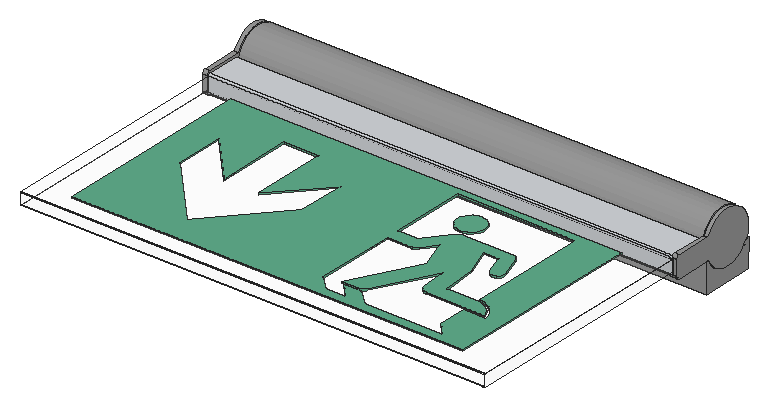
Revit family "41750", category Lighting Fixtures, host Face, Revit 2018
Family settings
  Host = Face
  Round Connector Dimension = Use Diameter
  Part Type = Normal
  OmniClass Number = 23.80.70.00
  OmniClass Title = Lighting
  Cut with Voids When Loaded = No
  Light Source = No
  Shared = No
  Room Calculation Point = No
Parameters (values of type "0041750 SYLSAFE EXIT-MOD EX R EM3 MT DA ")
  Width_SYL = 34 mm
  Weight = "n/a"
  Wattage Comments = ""
  WarrantyStartDate [instance] = "n/a"
  WarrantyGuarantorParts = "n/a"
  WarrantyDurationUnit = "n/a"
  WarrantyDurationParts = ""
  WarrantyDescription = "http://www.sylvania-lighting.com"
  Voltage = 0 V
  URL = "0.49"
  TypeSign_SYL = SylSafe EXIT Sign : Exit Arrow Down
  TypeName = "SylSafe Exit-Mod EX R EM3 MT DA"
  Type Image = <None>
  Type Comments = "n/a"
  SerialNumber [instance] = "n/a"
  RotationAngle_SYL [instance] = -90.00°
  RotatableArmThickness_SYL = 3 mm
  RadiusBody_SYL = Width_SYL / 2  # 17 mm
  Material_3_SYL = none
  PowerFactor = 0.6
  PowerConsumption = "Lighting"
  NominalLength = 49 mm
  NominalHeight = 234 mm
  NominalDepth = 18 mm
  Name = "SylSafe Exit-Mod EX R EM3 MT DA"
  ModelReference = Name  # "SylSafe Exit-Mod EX R EM3 MT DA"
  ModelNumber = "0041750"
  Model = Name  # "SylSafe Exit-Mod EX R EM3 MT DA"
  Material = "Feilo Sylvania"
  ManufacturerName = "0 lm/W"
  Manufacturer = ""
  LuminousEfficacy = ""
  LuminaireType = "0"
  LightOutputRatio = "LED"
  Length_SYL = 308 mm
  LampsType = Lamp  # "n/a"
  LampNominalLuminous = "0 K"
  LampMacAdamStep = "0"
  LampColourTemperature = "LED"
  LampColourRenderingIndex = "16500"
  Lamp = "n/a"
  Keynote = "n/a"
  InstallationDate [instance] = "n/a"
  InputVoltage = "0"
  InputNominalFrequency = "0"
  IngressProtection = "IfcLightFixtureType"
  ImpactProtectionIndex = "IfcLightFixtureType"
  IfcExportType = "IfcLightFixtureType"
  IfcExportAs = "Class II"
  ExpectedLife = 50000
  EndAngle_SYL [instance] = RotationAngle_SYL + 180.00°  # 90.00°
  ElectricShockClassification = "0"
  DurationUnit = "hours"
  DocumentationLiterature = "http://www.sylvania-lighting.com/product/en-int/products/0041750"
  DimmingControlOptions = "n/a"
  Material_2_SYL = none
  Description = "SylSafe Exit-Mod EX R EM3 MT DA is a recessed emergency exit sign. Comes with ISO7010 compliant legend pack. Arrows left, right, up, down and a blank sheet for single sided versions. EC legend pack is available as accessory. Viewing distance 26m. White housing colour.  Maintained 3hr emergency operation with NiMH rechargeable battery. Recharge period 24 hours. Self testing with DALI monitoring capability. 4.9W, IK03, IP20. Power Factor 0.49. Class II electrical construction."
  Default Elevation = 1219.2 mm
  CreatedOn = "30/06/2021"
  CreatedBy = "@sylvania-lighting.com"
  Cost = 0
  built-in parameter 1114216 [instance] = (empty or 0)
  ClassificationValue = "EF_70_80"
  ClassificationName = "Uniclass2015"
  Material_1_SYL = PC/ABS Plastic
  BarCode [instance] = "n/a"
  AssetType = "Fixed"
  AssetIdentifier [instance] = "n/a"
  Assembly Code = "D5020200"
  Apparent Load = 4.9 VA
  Material_4_SYL = none
Reference planes
  plane 1 "Center (Front/Back)": y = 0
  plane 2: z = 0
  plane 3 "Center (Left/Right)": x = 0
  plane 4: y = 17
  plane 5: y = -17
  plane 6: z = 25.937
  plane 7: x = -154
  plane 8: x = 154
  plane 9: x = -151
  plane 10: x = 151
  plane 11: z = 18.937
Forms (mm)
  Extrusion 1, solid, material "PC/ABS Plastic" <- "Material_1_SYL"
    sketch origin (0, 0, 0) x (0, 1, 0) y (0, 0, 1)
      loop
        line (-17, 0) -> (17, 0) -> (17, 25.937)
        arc (17, 25.937) -> (0, 42.937) -> (-17, 25.937) r 17
        line (-17, 25.937) -> (-17, 0)
    from -154 to 154
  Extrusion 2, void
    sketch origin (0, 0, 0) x (0, 1, 0) y (0, 0, 1)
      loop
        arc (-15.492, 18.937) -> (0, 8.937) -> (15.492, 18.937) r 17
        line (15.492, 18.937) -> (17, 18.937) -> (17, 25.937)
        arc (17, 25.937) -> (0, 42.937) -> (-17, 25.937) r 17
        line (-17, 25.937) -> (-17, 18.937) -> (-15.492, 18.937)
    from 151 to 154
  Extrusion 3, void
    sketch origin (0, 0, 0) x (0, 1, 0) y (0, 0, 1)
      loop
        arc (-15.492, 18.937) -> (0, 8.937) -> (15.492, 18.937) r 17
        line (15.492, 18.937) -> (17, 18.937) -> (17, 25.937)
        arc (17, 25.937) -> (0, 42.937) -> (-17, 25.937) r 17
        line (-17, 25.937) -> (-17, 18.937) -> (-15.492, 18.937)
    from -154 to -151
  Revolve 4, solid, not visible
    sketch origin (0, 1219.2, 25.937) x (1, 0, 0) y (0, 1, 0)
      loop
        line (0, -1219.2) -> (0, -1209.2) -> (-54.574, -1209.2) -> (-54.574, -1219.2) -> (0, -1219.2)
      axis (0, -1219.2) -> (-54.574, -1219.2)
    angle from -90 <- "RotationAngle_SYL" to 90 <- "EndAngle_SYL"
Cuts and joins
  Extrusion 2, Extrusion 3 cuts Extrusion 1
Lines and regions (mm)
  reference lines
    curve 1: circle (0, 0, 25.937) r 17 normal (1, 0, 0)
Dimensions and locks
  locked: plane 6 to plane 2 at 25.938
  equal spacing: plane 5, plane 1 "Center (Front/Back)", plane 4
  "Width_SYL": plane 5 to plane 4
  equal spacing: plane 8, plane 3 "Center (Left/Right)", plane 7
  equal spacing: plane 10, plane 3 "Center (Left/Right)", plane 9
  "Length_SYL": plane 8 to plane 7
  "RotatableArmThickness_SYL": plane 9 to plane 7
  locked: plane 11 to plane 6 at 7
  "RadiusBody_SYL": radius of curve 1
  aligned and locked: plane 2 to host face
  aligned and locked: level to host face
  aligned and locked: plane 1 "Center (Front/Back)" to curve 1
  aligned and locked: plane 6 to curve 1
  aligned and locked: Extrusion 1 sketch curve to level
  aligned and locked: Extrusion 1 sketch curve to plane 4
  aligned and locked: Extrusion 1 sketch curve to curve 1
  aligned and locked: plane 8 to Extrusion 1
  aligned and locked: Extrusion 1 to plane 7
  aligned and locked: plane 8 to Extrusion 2
  aligned and locked: Extrusion 2 to plane 10
  aligned and locked: Extrusion 3 to plane 7
  aligned and locked: plane 9 to Extrusion 3
  aligned and locked: Extrusion 3 sketch curve to curve 1
  aligned and locked: Extrusion 3 sketch curve to plane 4
  aligned and locked: Extrusion 3 sketch curve to plane 5
  aligned and locked: Extrusion 3 sketch curve to plane 11
  aligned and locked: Extrusion 2 sketch curve to curve 1
  aligned and locked: Extrusion 2 sketch curve to plane 4
  aligned and locked: Extrusion 2 sketch curve to plane 5
  aligned and locked: Extrusion 2 sketch curve to plane 11
  aligned and locked: plane 11 to Extrusion 2 sketch curve
  aligned and locked: Extrusion 2 sketch curve to cut or joined group of Extrusion 1, Extrusion 2, Extrusion 3
  aligned and locked: Revolve 4 sketch curve to plane 1 "Center (Front/Back)"
  aligned and locked: Revolve 4 sketch curve to curve 1  (x2)
  aligned and locked: nested 1 to plane 3 "Center (Left/Right)"
Automatic sketch dimensions
  host sketch curve to host sketch curve = 2438.4 mm  (x2)
  plane 6 to Extrusion 1 sketch curve = 0 mm
  plane 11 to Extrusion 3 sketch curve = 0 mm  (x2)
  Extrusion 3 sketch curve to plane 6 = 0 mm
  Extrusion 3 sketch curve to Extrusion 3 sketch curve = 0 mm
  plane 1 "Center (Front/Back)" to Revolve 4 sketch curve = 0 mm
  Revolve 4 sketch curve to plane 3 "Center (Left/Right)" = 54.574 mm
  plane 4 to Revolve 4 sketch curve = 7 mm
  Revolve 4 sketch curve to plane 7 = 1370 mm
  plane 8 to Revolve 4 sketch curve = 1370 mm
Nested families
  nested 1: "SylSafe EXIT Sign" at (0, 0, 25.937) x (-1, 0, 0) z (0, -1, 0), type <- "TypeSign_SYL", type "Exit Arrow Down"
    with built-in parameter 1114216 (empty or 0)
Definition of nested family "SylSafe EXIT Sign"
  Parameters (values of type "Exit Arrow Up")
    WidthArmSign_SYL = 34 mm
    Wattage Comments = "n/a"
    Wattage = 2.2 W
    built-in parameter 1150110 = 1 (stored number, unit not read)
    Up_SYL = yes
    URL = "http://www.sylvania-lighting.com"
    Type Image = (empty or 0)
    Type Comments = "n/a"
    built-in parameter 1114217 = 1 (stored number, unit not read)
    ThicknessLabel_SYL = 0.8 mm
    ThicknessArmSign_SYL = 3 mm
    built-in parameter 1150109 = 1 (stored number, unit not read)
    built-in parameter 1150134 = 5
    built-in parameter 1150113 = 1 (stored number, unit not read)
    Right_SYL = no
    RadiusArmSign_SYL = WidthArmSign_SYL / 2  # 17 mm
    Material_3_SYL = none
    Model = ""
    Manufacturer = "Feilo Sylvania"
    built-in parameter 1150105 = 70.028 (stored number, unit not read)
    Lumens = 220 lm
    built-in parameter 1150115 = 1 (stored number, unit not read)
    Light Source Symbol Size = 100 mm
    built-in parameter 1150137 = (empty or 0)
    built-in parameter 1150139 = (empty or 0)
    LengthSign_SYL = 308 mm
    Left_SYL = no
    built-in parameter 1150112 = 1 (stored number, unit not read)
    built-in parameter 1150114 = 1 (stored number, unit not read)
    Lamp = "LED"
    Keynote = "16500"
    Material_2_SYL = none
    built-in parameter 1150132 = (empty or 0)
    built-in parameter 1150102 = (empty or 0)
    built-in parameter 1150107 = 6000 (stored number, unit not read)
    built-in parameter 1150138 = (empty or 0)
    built-in parameter 1150106 = 0.70028 (stored number, unit not read)
    Emit from Line Length = LengthSign_SYL - 2 * ThicknessArmSign_SYL  # 302 mm
    built-in parameter 1150104 = 9.2903 (stored number, unit not read)
    Down_SYL = no
    Dimming Lamp Color Temperature Shift = (empty or 0)
    Description = ""
    Default Elevation = 1219.2 mm
    Cost = 0
    Color Filter = 16777215
    built-in parameter 1114216 [instance] = (empty or 0)
    Material_1_SYL = none
    built-in parameter 1114218 = 1 (stored number, unit not read)
    built-in parameter 1150133 = 10 (stored number, unit not read)
    Assembly Code = "D5020200"
    Apparent Load = 2.2 VA
    Material_4_SYL = none
  Types (4, lengths in mm): name | Up_SYL | Right_SYL | Left_SYL | Down_SYL | Apparent Load
    Exit Arrow Right | no | yes | no | no | 2.2 VA
    Exit Arrow Left | no | no | yes | no | 2.2 VA
    Exit Arrow Up | yes | no | no | no | 2.2 VA
    Exit Arrow Down | no | no | no | yes | 0 VA
  Reference planes
    plane 1 "Center (Front/Back)": y = 0
    plane 2: z = 0
    plane 3 "Center (Left/Right)": x = 0
    plane 4: x = 154
    plane 5: x = -154
    plane 6: x = -151
    plane 7: x = 151
    plane 8: y = 17
    plane 9: y = -17
    plane 10: y = -7
    plane 11: y = 7
    plane 12: z = 40.75
    plane 13: z = 192.937
    plane 14: y = 4
    plane 15: y = -4
    plane 16: z = 17.812
    plane 17: y = -6
    plane 18: y = 6
    plane 19: x = -127
    plane 20: x = 127
    plane 21: z = 116.844
    plane 22: z = 181.344
    plane 23: z = 52.344
    plane 24: x = 69
    plane 25: y = -4.8
  Forms (mm)
    Extrusion 1, solid
      sketch origin (4.2, 0, 0) x (1, 0, 0) y (0, 1, 0)
        loop
          line (-1219.2, 1219.2) -> (-1219.2, -1219.2) -> (1219.2, -1219.2) -> (1219.2, 1219.2) -> (-1219.2, 1219.2)
      from 0 to -68.017
    Extrusion 2, solid, material <- "Material_1_SYL"
      sketch origin (0, 0, 0) x (0, 1, 0) y (0, 0, 1)
        loop
          arc (-7, 15.492) -> (0, -17) -> (7, 15.492) r 17
          line (7, 15.492) -> (7, 38.75)
          arc (7, 38.75) -> (6.414, 40.164) -> (5, 40.75) r 2
          line (5, 40.75) -> (-5, 40.75)
          arc (-5, 40.75) -> (-6.414, 40.164) -> (-7, 38.75) r 2
          line (-7, 38.75) -> (-7, 15.492)
      from 151 to 154
    Extrusion 3, solid, material <- "Material_1_SYL"
      sketch origin (0, 0, 0) x (0, 1, 0) y (0, 0, 1)
        loop
          line (7, 15.492) -> (7, 38.75)
          arc (7, 38.75) -> (6.414, 40.164) -> (5, 40.75) r 2
          line (5, 40.75) -> (-5, 40.75)
          arc (-5, 40.75) -> (-6.414, 40.164) -> (-7, 38.75) r 2
          line (-7, 38.75) -> (-7, 15.492)
          arc (-7, 15.492) -> (0, -17) -> (7, 15.492) r 17
      from -154 to -151
    Extrusion 4, solid
      sketch origin (0, 0, 0) x (0, 1, 0) y (0, 0, 1)
        loop
          arc (-5, 40.75) -> (-5.707, 40.457) -> (-6, 39.75) r 1
          line (-6, 39.75) -> (-6, 17.812) -> (6, 17.812) -> (6, 39.75)
          arc (6, 39.75) -> (5.707, 40.457) -> (5, 40.75) r 1
          line (5, 40.75) -> (-5, 40.75)
      from -151 to 151
    Extrusion 5, solid, material <- "Material_3_SYL"
      sketch origin (0, 0, 0) x (0, 1, 0) y (0, 0, 1)
        loop
          line (-4, 40.75) -> (4, 40.75) -> (4, 192.437)
          arc (4, 192.437) -> (3.854, 192.791) -> (3.5, 192.937) r 0.5
          line (3.5, 192.937) -> (-3.5, 192.937)
          arc (-3.5, 192.937) -> (-3.854, 192.791) -> (-4, 192.437) r 0.5
          line (-4, 192.437) -> (-4, 40.75)
      from -151 to 151
    Extrusion 6, solid, material <- "Material_2_SYL", visible <- "Left_SYL"
      sketch origin (351.989, -4, 160.163) x (0, 0, -1) y (1, 0, 0)
        loop
          circle (83.224, -400.985) r 8.928
        loop
          line (103.064, -376.624) -> (54.298, -376.624) -> (54.298, -389.842) -> (68.839, -400.8)
          arc (68.839, -400.8) -> (70.752, -403.1) -> (71.438, -406.013) r 6.527
          line (71.438, -406.013) -> (71.438, -437.202)
          arc (71.438, -437.202) -> (70.533, -440.07) -> (68.148, -441.9) r 5
          line (68.148, -441.9) -> (54.122, -447.006)
          arc (54.122, -447.006) -> (48.704, -444.479) -> (51.23, -439.062) r 4.227
          line (51.23, -439.062) -> (63.917, -434.444) -> (63.917, -424.745) -> (45.498, -431.449) -> (22.611, -433.451) -> (22.611, -453.451)
          arc (22.611, -453.451) -> (20.093, -461.05) -> (13.536, -465.642) r 12.726
          line (13.536, -465.642) -> (13.536, -427.917)
          arc (13.536, -427.917) -> (14.85, -424.539) -> (18.101, -422.936) r 5
          line (18.101, -422.936) -> (34.389, -421.511) -> (-1.786, -402.276)
          arc (-1.786, -402.276) -> (-3.724, -400.437) -> (-4.439, -397.862) r 5
          line (-4.439, -397.862) -> (-4.439, -387.433) -> (36.957, -409.444) -> (56.364, -402.38) -> (48.001, -396.079)
          arc (48.001, -396.079) -> (46.372, -394.119) -> (45.788, -391.639) r 5.559
          line (45.788, -391.639) -> (45.788, -376.624) -> (-6.717, -376.624) -> (-15.183, -385.09) -> (-15.183, -398.574) -> (-6.18, -389.57) -> (-6.18, -399.078)
          arc (-6.18, -399.078) -> (-6.609, -401.235) -> (-7.83, -403.063) r 5.636
          line (-7.83, -403.063) -> (-15.183, -410.416) -> (-15.183, -461.609) -> (-7.025, -453.451) -> (11.73, -453.451) -> (11.73, -468.109)
          arc (11.73, -468.109) -> (20.743, -463.076) -> (24.473, -453.451) r 15.223
          line (24.473, -453.451) -> (103.064, -453.451) -> (103.064, -376.624)
        loop
          line (107.819, -224.989) -> (-21.181, -224.989) -> (-21.181, -478.989) -> (107.819, -478.989) -> (107.819, -224.989)
        loop
          line (54.815, -332.184) -> (54.815, -282.989) -> (82.944, -314.229) -> (82.944, -282.989) -> (43.319, -238.982) -> (3.695, -282.989) -> (3.695, -314.229) -> (31.823, -282.989) -> (31.823, -332.184) -> (54.815, -332.184)
      from 0 to 0.8
    Extrusion 7, solid, material <- "Material_2_SYL", visible <- "Up_SYL"
      sketch origin (0, -4, -609.6) x (0, 0, -1) y (1, 0, 0)
        loop
          line (-784.946, -33.101) -> (-784.946, -46.585) -> (-775.943, -37.581) -> (-775.943, -47.089)
          arc (-775.943, -47.089) -> (-776.372, -49.246) -> (-777.593, -51.074) r 5.636
          line (-777.593, -51.074) -> (-784.946, -58.427) -> (-784.946, -109.62) -> (-776.788, -101.462) -> (-758.032, -101.462) -> (-758.032, -116.12)
          arc (-758.032, -116.12) -> (-749.02, -111.087) -> (-745.29, -101.462) r 15.223
          line (-745.29, -101.462) -> (-666.699, -101.462) -> (-666.699, -24.635) -> (-715.465, -24.635) -> (-715.465, -37.853) -> (-700.924, -48.811)
          arc (-700.924, -48.811) -> (-699.011, -51.111) -> (-698.325, -54.024) r 6.527
          line (-698.325, -54.024) -> (-698.325, -85.213)
          arc (-698.325, -85.213) -> (-699.23, -88.081) -> (-701.615, -89.912) r 5
          line (-701.615, -89.912) -> (-715.641, -95.017)
          arc (-715.641, -95.017) -> (-721.059, -92.49) -> (-718.533, -87.073) r 4.227
          line (-718.533, -87.073) -> (-705.846, -82.455) -> (-705.846, -72.756) -> (-724.265, -79.46) -> (-747.152, -81.462) -> (-747.152, -101.462)
          arc (-747.152, -101.462) -> (-749.67, -109.061) -> (-756.227, -113.653) r 12.726
          line (-756.227, -113.653) -> (-756.227, -75.928)
          arc (-756.227, -75.928) -> (-754.913, -72.55) -> (-751.662, -70.947) r 5
          line (-751.662, -70.947) -> (-735.374, -69.522) -> (-771.549, -50.287)
          arc (-771.549, -50.287) -> (-773.487, -48.448) -> (-774.202, -45.873) r 5
          line (-774.202, -45.873) -> (-774.202, -35.444) -> (-732.806, -57.455) -> (-713.399, -50.391) -> (-721.762, -44.09)
          arc (-721.762, -44.09) -> (-723.391, -42.13) -> (-723.975, -39.65) r 5.559
          line (-723.975, -39.65) -> (-723.975, -24.635) -> (-776.48, -24.635) -> (-784.946, -33.101)
        loop
          circle (-686.539, -48.996) r 8.928
        loop
          line (-723.85, 77.902) -> (-773.045, 77.902) -> (-773.045, 54.91) -> (-723.85, 54.91) -> (-755.09, 26.782) -> (-723.85, 26.782) -> (-679.843, 66.406) -> (-723.85, 106.031) -> (-755.09, 106.031) -> (-723.85, 77.902)
        loop
          line (-790.944, -127) -> (-661.944, -127) -> (-661.944, 127) -> (-790.944, 127) -> (-790.944, -127)
      from 0 to 0.8
    Extrusion 8, solid, material <- "Material_2_SYL", visible <- "Down_SYL"
      sketch origin (0, -4, -609.6) x (0, 0, -1) y (1, 0, 0)
        loop
          line (-715.465, -37.853) -> (-700.924, -48.811)
          arc (-700.924, -48.811) -> (-699.011, -51.111) -> (-698.325, -54.024) r 6.527
          line (-698.325, -54.024) -> (-698.325, -85.213)
          arc (-698.325, -85.213) -> (-699.23, -88.081) -> (-701.615, -89.912) r 5
          line (-701.615, -89.912) -> (-715.641, -95.017)
          arc (-715.641, -95.017) -> (-721.059, -92.49) -> (-718.533, -87.073) r 4.227
          line (-718.533, -87.073) -> (-705.846, -82.455) -> (-705.846, -72.756) -> (-724.265, -79.46) -> (-747.152, -81.462) -> (-747.152, -101.462)
          arc (-747.152, -101.462) -> (-749.67, -109.061) -> (-756.227, -113.653) r 12.726
          line (-756.227, -113.653) -> (-756.227, -75.928)
          arc (-756.227, -75.928) -> (-754.913, -72.55) -> (-751.662, -70.947) r 5
          line (-751.662, -70.947) -> (-735.374, -69.522) -> (-771.549, -50.287)
          arc (-771.549, -50.287) -> (-773.487, -48.448) -> (-774.202, -45.873) r 5
          line (-774.202, -45.873) -> (-774.202, -35.444) -> (-732.806, -57.455) -> (-713.399, -50.391) -> (-721.762, -44.09)
          arc (-721.762, -44.09) -> (-723.391, -42.13) -> (-723.975, -39.65) r 5.559
          line (-723.975, -39.65) -> (-723.975, -24.635) -> (-776.48, -24.635) -> (-784.946, -33.101) -> (-784.946, -46.585) -> (-775.943, -37.581) -> (-775.943, -47.089)
          arc (-775.943, -47.089) -> (-776.372, -49.246) -> (-777.593, -51.074) r 5.636
          line (-777.593, -51.074) -> (-784.946, -58.427) -> (-784.946, -109.62) -> (-776.788, -101.462) -> (-758.032, -101.462) -> (-758.032, -116.12)
          arc (-758.032, -116.12) -> (-749.02, -111.087) -> (-745.29, -101.462) r 15.223
          line (-745.29, -101.462) -> (-666.699, -101.462) -> (-666.699, -24.635) -> (-715.465, -24.635) -> (-715.465, -37.853)
        loop
          circle (-686.539, -48.996) r 8.928
        loop
          line (-790.944, -127) -> (-661.944, -127) -> (-661.944, 127) -> (-790.944, 127) -> (-790.944, -127)
        loop
          line (-679.843, 54.91) -> (-679.843, 77.902) -> (-729.038, 77.902) -> (-697.798, 106.031) -> (-729.038, 106.031) -> (-773.045, 66.406) -> (-729.038, 26.782) -> (-697.798, 26.782) -> (-729.038, 54.91) -> (-679.843, 54.91)
      from 0 to 0.8
    Extrusion 9, solid, material <- "Material_2_SYL", visible <- "Right_SYL"
      sketch origin (0, -4, -609.6) x (0, 0, -1) y (1, 0, 0)
        loop
          line (-732.806, 57.455) -> (-774.202, 35.444) -> (-774.202, 45.873)
          arc (-774.202, 45.873) -> (-773.487, 48.448) -> (-771.549, 50.287) r 5
          line (-771.549, 50.287) -> (-735.374, 69.522) -> (-751.662, 70.947)
          arc (-751.662, 70.947) -> (-754.913, 72.55) -> (-756.227, 75.928) r 5
          line (-756.227, 75.928) -> (-756.227, 113.653)
          arc (-756.227, 113.653) -> (-749.67, 109.061) -> (-747.152, 101.462) r 12.726
          line (-747.152, 101.462) -> (-747.152, 81.462) -> (-724.265, 79.46) -> (-705.846, 72.756) -> (-705.846, 82.455) -> (-718.533, 87.073)
          arc (-718.533, 87.073) -> (-721.059, 92.49) -> (-715.641, 95.017) r 4.227
          line (-715.641, 95.017) -> (-701.615, 89.912)
          arc (-701.615, 89.912) -> (-699.23, 88.081) -> (-698.325, 85.213) r 5
          line (-698.325, 85.213) -> (-698.325, 54.024)
          arc (-698.325, 54.024) -> (-699.011, 51.111) -> (-700.924, 48.811) r 6.527
          line (-700.924, 48.811) -> (-715.465, 37.853) -> (-715.465, 24.635) -> (-666.699, 24.635) -> (-666.699, 101.462) -> (-745.29, 101.462)
          arc (-745.29, 101.462) -> (-749.02, 111.087) -> (-758.032, 116.12) r 15.223
          line (-758.032, 116.12) -> (-758.032, 101.462) -> (-776.788, 101.462) -> (-784.946, 109.62) -> (-784.946, 58.427) -> (-777.593, 51.074)
          arc (-777.593, 51.074) -> (-776.372, 49.246) -> (-775.943, 47.089) r 5.636
          line (-775.943, 47.089) -> (-775.943, 37.581) -> (-784.946, 46.585) -> (-784.946, 33.101) -> (-776.48, 24.635) -> (-723.975, 24.635) -> (-723.975, 39.65)
          arc (-723.975, 39.65) -> (-723.391, 42.13) -> (-721.762, 44.09) r 5.559
          line (-721.762, 44.09) -> (-713.399, 50.391) -> (-732.806, 57.455)
        loop
          circle (-686.539, 48.996) r 8.928
        loop
          line (-766.068, -37.76) -> (-766.068, -69) -> (-726.444, -113.007) -> (-686.819, -69) -> (-686.819, -37.76) -> (-714.948, -69) -> (-714.948, -19.805) -> (-737.94, -19.805) -> (-737.94, -69) -> (-766.068, -37.76)
        loop
          line (-790.944, -127) -> (-661.944, -127) -> (-661.944, 127) -> (-790.944, 127) -> (-790.944, -127)
      from 0 to 0.8
  Lines and regions (mm)
    reference lines
      curve 1: circle (0, 0, 0) r 17 normal (1, 0, 0)
  Dimensions and locks
    equal spacing: plane 4, plane 3 "Center (Left/Right)", plane 5
    "LengthSign_SYL": plane 4 to plane 5
    equal spacing: plane 7, plane 3 "Center (Left/Right)", plane 6
    "ThicknessArmSign_SYL": plane 6 to plane 5
    equal spacing: plane 9, plane 1 "Center (Front/Back)", plane 8
    "WidthArmSign_SYL": plane 9 to plane 8
    equal spacing: plane 10, plane 1 "Center (Front/Back)", plane 11
    locked: plane 10 to plane 11 at 14
    equal spacing: plane 15, plane 1 "Center (Front/Back)", plane 14
    locked: plane 15 to plane 14 at 8
    locked: plane 12 to plane 2 at 40.75
    locked: plane 16 to plane 12 at 22.937
    equal spacing: plane 17, plane 1 "Center (Front/Back)", plane 18
    locked: plane 10 to plane 17 at 1
    equal spacing: plane 13, plane 21, plane 12
    equal spacing: plane 20, plane 3 "Center (Left/Right)", plane 19
    locked: plane 20 to plane 19 at 254
    equal spacing: plane 22, plane 21, plane 23
    locked: plane 22 to plane 23 at 129
    locked: plane 20 to plane 24 at 58
    "ThicknessLabel_SYL": plane 25 to plane 15
    "RadiusArmSign_SYL": radius of curve 1
    aligned and locked: plane 2 to Extrusion 1
    aligned and locked: level to Extrusion 1
    aligned and locked: plane 1 "Center (Front/Back)" to curve 1
    aligned and locked: plane 2 to curve 1
    aligned and locked: Extrusion 2 sketch curve to curve 1
    aligned and locked: Extrusion 2 sketch curve to plane 11
    aligned and locked: Extrusion 2 sketch curve to plane 10
    aligned and locked: Extrusion 2 sketch curve to plane 12
    aligned and locked: plane 4 to Extrusion 2
    aligned and locked: Extrusion 2 to plane 7
    aligned and locked: Extrusion 3 sketch curve to Extrusion 2  (x4)
    aligned and locked: Extrusion 3 to plane 5
    aligned and locked: plane 6 to Extrusion 3
    aligned and locked: plane 12 to Extrusion 4 sketch curve
    aligned and locked: Extrusion 4 sketch curve to plane 17
    aligned and locked: Extrusion 4 sketch curve to plane 16
    aligned and locked: plane 18 to Extrusion 4 sketch curve
    aligned and locked: plane 7 to Extrusion 4
    aligned and locked: Extrusion 4 to plane 6
    aligned and locked: plane 12 to Extrusion 5 sketch curve
    aligned and locked: plane 15 to Extrusion 5 sketch curve
    aligned and locked: Extrusion 5 sketch curve to plane 13
    aligned and locked: Extrusion 5 sketch curve to plane 14
    aligned and locked: plane 7 to Extrusion 5
    aligned and locked: Extrusion 5 to plane 6
    aligned and locked: Extrusion 6 to plane 22
    aligned and locked: Extrusion 6 to plane 19
    aligned and locked: plane 20 to Extrusion 6
    aligned and locked: plane 23 to Extrusion 6
    aligned and locked: plane 24 to Extrusion 6 sketch curve
    aligned and locked: plane 21 to Extrusion 6 sketch curve
    aligned and locked: Extrusion 7 sketch curve to Extrusion 6  (x13)
    aligned and locked: Extrusion 6 to Extrusion 7
    aligned and locked: Extrusion 7 to plane 15
    aligned and locked: plane 19 to Extrusion 7 sketch curve
    aligned and locked: plane 22 to Extrusion 7 sketch curve
    aligned and locked: Extrusion 7 sketch curve to plane 23
    aligned and locked: Extrusion 7 sketch curve to plane 20
    aligned and locked: plane 25 to Extrusion 7
    aligned and locked: Extrusion 7 to Extrusion 5
    aligned and locked: Extrusion 8 sketch curve to Extrusion 7  (x37)
    aligned and locked: Extrusion 8 to plane 15
    aligned and locked: plane 25 to Extrusion 8
    aligned and locked: Extrusion 9 sketch curve to Extrusion 6  (x4)
    aligned and locked: Extrusion 9 to plane 15
    aligned and locked: Extrusion 9 to Extrusion 5
    aligned and locked: plane 25 to Extrusion 9
    aligned and locked: plane 12 to imposter light
    aligned and locked: plane 3 "Center (Left/Right)" to imposter light
    aligned and locked: plane 1 "Center (Front/Back)" to imposter light
  Automatic sketch dimensions
    Extrusion 1 sketch curve to Extrusion 1 sketch curve = 2438.4 mm  (x2)
    plane 15 to Extrusion 2 sketch curve = 1 mm
    Extrusion 2 sketch curve to plane 14 = 1 mm
    plane 12 to Extrusion 4 sketch curve = 1 mm
    Extrusion 4 sketch curve to plane 14 = 1 mm
    Extrusion 5 sketch curve to Extrusion 5 sketch curve = 0.5 mm  (x2)
    Extrusion 5 to Extrusion 6 sketch curve = 69.231 mm
    Extrusion 6 sketch curve to Extrusion 6 sketch curve = 2.568 mm
    Extrusion 6 sketch curve to Extrusion 6 sketch curve = 11.496 mm
    Extrusion 6 sketch curve to Extrusion 6 sketch curve = 9.916 mm
    Extrusion 6 sketch curve to Extrusion 6 sketch curve = 1.862 mm
    Extrusion 6 sketch curve to Extrusion 6 sketch curve = 4.075 mm
    Extrusion 6 sketch curve to Extrusion 6 sketch curve = 0.436 mm
    Extrusion 6 sketch curve to Extrusion 6 sketch curve = 9.075 mm
    Extrusion 6 sketch curve to Extrusion 6 sketch curve = 10.88 mm
    Extrusion 6 sketch curve to Extrusion 6 sketch curve = 1.845 mm
    Extrusion 6 sketch curve to Extrusion 6 sketch curve = 0.631 mm
    Extrusion 6 sketch curve to Extrusion 6 sketch curve = 28.129 mm  (x2)
    Extrusion 6 sketch curve to Extrusion 6 sketch curve = 17.539 mm
    Extrusion 6 sketch curve to Extrusion 6 sketch curve = 2.347 mm
    Extrusion 6 sketch curve to Extrusion 6 sketch curve = 5 mm  (x2)
    Extrusion 6 sketch curve to Extrusion 6 sketch curve = 1.741 mm
    Extrusion 6 sketch curve to Extrusion 6 sketch curve = 2.278 mm
    Extrusion 6 sketch curve to Extrusion 6 sketch curve = 16.279 mm
    Extrusion 6 sketch curve to Extrusion 6 sketch curve = 1.651 mm
    Extrusion 6 sketch curve to Extrusion 6 sketch curve = 3.985 mm
    Extrusion 6 sketch curve to Extrusion 6 sketch curve = 8.158 mm  (x2)
    Extrusion 6 sketch curve to Extrusion 6 sketch curve = 3.367 mm
    Extrusion 5 to Extrusion 6 sketch curve = 11.094 mm
    Extrusion 6 sketch curve to Extrusion 6 sketch curve = 11.109 mm
    Extrusion 6 sketch curve to Extrusion 6 sketch curve = 8.831 mm
    Extrusion 6 sketch curve to Extrusion 6 sketch curve = 2.214 mm
    Extrusion 6 sketch curve to Extrusion 6 sketch curve = 5.733 mm
    Extrusion 6 sketch curve to Extrusion 6 sketch curve = 3.346 mm
    Extrusion 6 sketch curve to Extrusion 6 sketch curve = 1.446 mm  (x2)
    Extrusion 6 sketch curve to Extrusion 6 sketch curve = 2.95 mm
    Extrusion 6 sketch curve to Extrusion 6 sketch curve = 22.992 mm
    Extrusion 6 sketch curve to Extrusion 6 sketch curve = 8.362 mm
    Extrusion 6 sketch curve to Extrusion 6 sketch curve = 12.686 mm
    Extrusion 6 sketch curve to Extrusion 6 sketch curve = 8.547 mm
    Extrusion 6 sketch curve to Extrusion 6 sketch curve = 2.521 mm
    Extrusion 6 sketch curve to Extrusion 6 sketch curve = 1.71 mm
    Extrusion 6 sketch curve to Extrusion 6 sketch curve = 3.928 mm
    Extrusion 6 sketch curve to Extrusion 6 sketch curve = 11.787 mm
    Extrusion 6 sketch curve to Extrusion 5 = 16.349 mm
    Extrusion 6 sketch curve to Extrusion 5 = 11.594 mm
    Extrusion 6 sketch curve to Extrusion 6 sketch curve = 0 mm  (x5)
    Extrusion 6 sketch curve to Extrusion 6 sketch curve = 31.24 mm  (x2)
    Extrusion 6 sketch curve to Extrusion 6 sketch curve = 62.395 mm
    Extrusion 6 sketch curve to Extrusion 6 sketch curve = 8.466 mm
    Extrusion 6 sketch curve to Extrusion 6 sketch curve = 2.343 mm
    Extrusion 6 sketch curve to Extrusion 6 sketch curve = 2.137 mm
    Extrusion 6 sketch curve to Extrusion 6 sketch curve = 13.219 mm
    Extrusion 6 sketch curve to Extrusion 6 sketch curve = 1.796 mm
    Extrusion 6 sketch curve to Extrusion 6 sketch curve = 8.291 mm
    Extrusion 6 sketch curve to Extrusion 6 sketch curve = 0.712 mm
    Extrusion 6 sketch curve to Extrusion 6 sketch curve = 1.216 mm
    Extrusion 6 sketch curve to Extrusion 6 sketch curve = 10.957 mm
    Extrusion 6 sketch curve to Extrusion 6 sketch curve = 5.027 mm
    Extrusion 6 sketch curve to Extrusion 6 sketch curve = 3.633 mm
    Extrusion 6 sketch curve to Extrusion 6 sketch curve = 13.365 mm
    Extrusion 6 sketch curve to Extrusion 6 sketch curve = 7.353 mm
    Extrusion 6 sketch curve to Extrusion 6 sketch curve = 12.067 mm
    Extrusion 6 sketch curve to Extrusion 6 sketch curve = 1.425 mm
    Extrusion 6 sketch curve to Extrusion 6 sketch curve = 18.732 mm
    Extrusion 6 sketch curve to Extrusion 6 sketch curve = 9.938 mm
    Extrusion 6 sketch curve to Extrusion 6 sketch curve = 5.534 mm
    Extrusion 6 sketch curve to Extrusion 6 sketch curve = 9.699 mm
    Extrusion 6 sketch curve to Extrusion 6 sketch curve = 2.758 mm
    Extrusion 6 sketch curve to Extrusion 6 sketch curve = 7.613 mm
    Extrusion 6 sketch curve to Extrusion 6 sketch curve = 3.972 mm
    Extrusion 6 sketch curve to Extrusion 6 sketch curve = 19.638 mm
    Extrusion 6 sketch curve to Extrusion 6 sketch curve = 0.362 mm
    Extrusion 6 sketch curve to Extrusion 6 sketch curve = 16.249 mm
    Extrusion 5 to Extrusion 6 sketch curve = 24 mm  (x2)
    Extrusion 5 to Extrusion 6 sketch curve = 37.993 mm
    Extrusion 6 sketch curve to Extrusion 6 sketch curve = 17.955 mm
    Extrusion 7 sketch curve to Extrusion 7 sketch curve = 1.651 mm
    Extrusion 7 sketch curve to Extrusion 7 sketch curve = 8.158 mm
    Extrusion 7 sketch curve to Extrusion 7 sketch curve = 2.278 mm
    plane 24 to Extrusion 7 sketch curve = 8.902 mm
    plane 22 to Extrusion 7 sketch curve = 17.899 mm
    Extrusion 7 sketch curve to Extrusion 7 sketch curve = 2.347 mm
    Extrusion 7 sketch curve to Extrusion 7 sketch curve = 4.283 mm
    Extrusion 7 sketch curve to Extrusion 7 sketch curve = 0.631 mm
    Extrusion 7 sketch curve to Extrusion 7 sketch curve = 1.845 mm
    Extrusion 7 sketch curve to plane 21 = 28.646 mm  (x2)
    Extrusion 7 sketch curve to Extrusion 7 sketch curve = 4.564 mm
    Extrusion 7 sketch curve to Extrusion 7 sketch curve = 0.436 mm
    Extrusion 7 sketch curve to Extrusion 7 sketch curve = 10.88 mm
    Extrusion 7 sketch curve to Extrusion 7 sketch curve = 1.862 mm
    Extrusion 7 sketch curve to plane 21 = 8.93 mm
    Extrusion 7 sketch curve to plane 21 = 6.362 mm
    plane 21 to Extrusion 7 sketch curve = 2.179 mm
    plane 21 to Extrusion 7 sketch curve = 2.469 mm
    plane 21 to Extrusion 7 sketch curve = 2.594 mm  (x4)
    plane 21 to Extrusion 7 sketch curve = 4.682 mm
    plane 21 to Extrusion 7 sketch curve = 7.911 mm
    Extrusion 7 sketch curve to Extrusion 7 sketch curve = 5.559 mm
    Extrusion 7 sketch curve to Extrusion 7 sketch curve = 1.446 mm  (x2)
    Extrusion 7 sketch curve to Extrusion 7 sketch curve = 8.51 mm
    Extrusion 7 sketch curve to Extrusion 7 sketch curve = 8.362 mm
    Extrusion 7 sketch curve to Extrusion 7 sketch curve = 12.686 mm
    Extrusion 7 sketch curve to Extrusion 7 sketch curve = 8.547 mm
    Extrusion 7 sketch curve to Extrusion 7 sketch curve = 2.521 mm
    Extrusion 7 sketch curve to Extrusion 7 sketch curve = 1.71 mm
    Extrusion 7 sketch curve to Extrusion 7 sketch curve = 5.458 mm
    Extrusion 7 sketch curve to Extrusion 7 sketch curve = 2.859 mm
    Extrusion 7 sketch curve to plane 24 = 2.594 mm
    Extrusion 7 sketch curve to plane 23 = 17.899 mm
    Extrusion 7 sketch curve to plane 23 = 4.755 mm
    plane 19 to Extrusion 7 sketch curve = 10.88 mm
    Extrusion 7 sketch curve to Extrusion 7 sketch curve = 2.467 mm
    Extrusion 7 sketch curve to Extrusion 7 sketch curve = 0 mm  (x2)
    Extrusion 7 sketch curve to Extrusion 7 sketch curve = 6.446 mm
    Extrusion 7 sketch curve to Extrusion 7 sketch curve = 3.972 mm
    Extrusion 7 sketch curve to Extrusion 7 sketch curve = 5.105 mm
    Extrusion 7 sketch curve to Extrusion 7 sketch curve = 2.758 mm
    Extrusion 7 sketch curve to Extrusion 7 sketch curve = 11.94 mm
    Extrusion 7 sketch curve to Extrusion 7 sketch curve = 7.613 mm
    Extrusion 7 sketch curve to Extrusion 7 sketch curve = 5.534 mm
    Extrusion 7 sketch curve to Extrusion 7 sketch curve = 9.699 mm
    Extrusion 7 sketch curve to Extrusion 7 sketch curve = 12.067 mm
    Extrusion 7 sketch curve to Extrusion 7 sketch curve = 5.027 mm
    Extrusion 7 sketch curve to Extrusion 7 sketch curve = 3.633 mm
    Extrusion 7 sketch curve to Extrusion 7 sketch curve = 6.301 mm
    Extrusion 7 sketch curve to Extrusion 7 sketch curve = 1.796 mm
    Extrusion 7 sketch curve to Extrusion 7 sketch curve = 2.137 mm
    plane 3 "Center (Left/Right)" to Extrusion 7 sketch curve = 26.782 mm
    Extrusion 7 sketch curve to plane 24 = 14.09 mm
    Extrusion 7 sketch curve to plane 20 = 20.969 mm
    Extrusion 8 sketch curve to Extrusion 8 sketch curve = 1.651 mm
    Extrusion 8 sketch curve to plane 24 = 2.594 mm
    plane 22 to Extrusion 8 sketch curve = 17.899 mm
    Extrusion 8 sketch curve to Extrusion 8 sketch curve = 2.347 mm
    Extrusion 8 sketch curve to Extrusion 8 sketch curve = 0.436 mm
    Extrusion 8 sketch curve to plane 21 = 8.93 mm
    Extrusion 8 sketch curve to plane 21 = 2.594 mm  (x4)
    plane 21 to Extrusion 8 sketch curve = 4.682 mm
    Extrusion 8 sketch curve to Extrusion 8 sketch curve = 1.446 mm  (x2)
    Extrusion 8 sketch curve to Extrusion 8 sketch curve = 8.547 mm
    Extrusion 8 sketch curve to Extrusion 8 sketch curve = 1.71 mm
    Extrusion 8 sketch curve to Extrusion 8 sketch curve = 5.458 mm
    plane 21 to Extrusion 8 sketch curve = 28.646 mm  (x2)
    Extrusion 8 sketch curve to plane 23 = 17.899 mm
    Extrusion 8 sketch curve to Extrusion 8 sketch curve = 1.796 mm
    plane 3 "Center (Left/Right)" to Extrusion 8 sketch curve = 26.782 mm
    Extrusion 8 sketch curve to plane 24 = 14.09 mm
    plane 24 to Extrusion 8 sketch curve = 8.902 mm
    Extrusion 8 sketch curve to plane 20 = 20.969 mm
    Extrusion 9 sketch curve to plane 21 = 0 mm
    plane 22 to Extrusion 9 sketch curve = 5.998 mm  (x2)
    Extrusion 9 sketch curve to Extrusion 9 sketch curve = 3.367 mm
    Extrusion 9 sketch curve to Extrusion 9 sketch curve = 3.985 mm
    Extrusion 9 sketch curve to Extrusion 9 sketch curve = 8.158 mm  (x2)
    Extrusion 9 sketch curve to Extrusion 9 sketch curve = 8.466 mm  (x2)
    Extrusion 9 sketch curve to Extrusion 9 sketch curve = 9.003 mm
    Extrusion 9 sketch curve to Extrusion 9 sketch curve = 1.741 mm
    Extrusion 9 sketch curve to Extrusion 9 sketch curve = 2.653 mm
    Extrusion 9 sketch curve to Extrusion 9 sketch curve = 2.347 mm
    plane 22 to Extrusion 9 sketch curve = 24.876 mm
    Extrusion 9 sketch curve to Extrusion 9 sketch curve = 16.279 mm
    Extrusion 9 sketch curve to Extrusion 9 sketch curve = 0.631 mm
    Extrusion 9 sketch curve to Extrusion 9 sketch curve = 1.845 mm
    plane 24 to Extrusion 9 sketch curve = 6.928 mm
    Extrusion 9 sketch curve to Extrusion 9 sketch curve = 4.283 mm
    plane 24 to Extrusion 9 sketch curve = 1.947 mm
    Extrusion 9 sketch curve to Extrusion 9 sketch curve = 4.564 mm
    Extrusion 9 sketch curve to Extrusion 9 sketch curve = 10.88 mm
    Extrusion 9 sketch curve to Extrusion 9 sketch curve = 1.862 mm
    Extrusion 9 sketch curve to plane 21 = 11.496 mm
    plane 24 to Extrusion 9 sketch curve = 0.522 mm
    Extrusion 9 sketch curve to plane 21 = 8.93 mm
    Extrusion 9 sketch curve to plane 21 = 6.362 mm
    plane 21 to Extrusion 9 sketch curve = 2.179 mm
    plane 21 to Extrusion 9 sketch curve = 2.469 mm
    plane 21 to Extrusion 9 sketch curve = 4.682 mm
    plane 21 to Extrusion 9 sketch curve = 7.911 mm
    Extrusion 9 sketch curve to Extrusion 9 sketch curve = 5.559 mm
    Extrusion 9 sketch curve to Extrusion 9 sketch curve = 1.446 mm  (x2)
    Extrusion 9 sketch curve to Extrusion 9 sketch curve = 2.95 mm
    plane 21 to Extrusion 9 sketch curve = 11.496 mm
    Extrusion 9 sketch curve to Extrusion 9 sketch curve = 8.362 mm
    plane 24 to Extrusion 9 sketch curve = 3.756 mm
    Extrusion 9 sketch curve to Extrusion 9 sketch curve = 12.686 mm
    Extrusion 9 sketch curve to Extrusion 9 sketch curve = 8.547 mm
    Extrusion 9 sketch curve to Extrusion 9 sketch curve = 2.521 mm
    Extrusion 9 sketch curve to Extrusion 9 sketch curve = 1.71 mm
    Extrusion 9 sketch curve to Extrusion 9 sketch curve = 3.928 mm
    Extrusion 9 sketch curve to Extrusion 9 sketch curve = 5 mm
    Extrusion 9 sketch curve to plane 23 = 24.876 mm
    Extrusion 9 sketch curve to Extrusion 9 sketch curve = 11.787 mm
    Extrusion 9 sketch curve to plane 23 = 4.755 mm
    plane 19 to Extrusion 9 sketch curve = 13.993 mm
    plane 19 to Extrusion 9 sketch curve = 58 mm  (x2)
    Extrusion 9 sketch curve to Extrusion 9 sketch curve = 0 mm  (x4)
    Extrusion 9 sketch curve to Extrusion 9 sketch curve = 31.24 mm  (x2)
    Extrusion 9 sketch curve to plane 3 "Center (Left/Right)" = 19.805 mm
    plane 3 "Center (Left/Right)" to Extrusion 9 sketch curve = 24.635 mm
    Extrusion 9 sketch curve to Extrusion 9 sketch curve = 2.343 mm
    Extrusion 9 sketch curve to Extrusion 9 sketch curve = 2.137 mm
    Extrusion 9 sketch curve to Extrusion 9 sketch curve = 13.219 mm
    Extrusion 9 sketch curve to Extrusion 9 sketch curve = 1.796 mm
    Extrusion 9 sketch curve to Extrusion 9 sketch curve = 8.291 mm
    Extrusion 9 sketch curve to Extrusion 9 sketch curve = 0.712 mm
    Extrusion 9 sketch curve to Extrusion 9 sketch curve = 0.504 mm
    Extrusion 9 sketch curve to Extrusion 9 sketch curve = 10.957 mm
    Extrusion 9 sketch curve to Extrusion 9 sketch curve = 5.027 mm
    Extrusion 9 sketch curve to Extrusion 9 sketch curve = 3.633 mm
    Extrusion 9 sketch curve to plane 24 = 11.545 mm
    Extrusion 9 sketch curve to Extrusion 9 sketch curve = 7.353 mm
    plane 24 to Extrusion 9 sketch curve = 10.46 mm
    Extrusion 9 sketch curve to Extrusion 9 sketch curve = 5.534 mm
    Extrusion 9 sketch curve to Extrusion 9 sketch curve = 9.699 mm
    Extrusion 9 sketch curve to Extrusion 9 sketch curve = 2.758 mm
    Extrusion 9 sketch curve to Extrusion 9 sketch curve = 7.613 mm
    Extrusion 9 sketch curve to Extrusion 9 sketch curve = 3.972 mm
    Extrusion 9 sketch curve to Extrusion 9 sketch curve = 19.638 mm
    Extrusion 9 sketch curve to Extrusion 9 sketch curve = 0.362 mm  (x2)
    Extrusion 9 sketch curve to Extrusion 9 sketch curve = 5.458 mm
    radius of Extrusion 6 sketch curve = 8.928 mm
